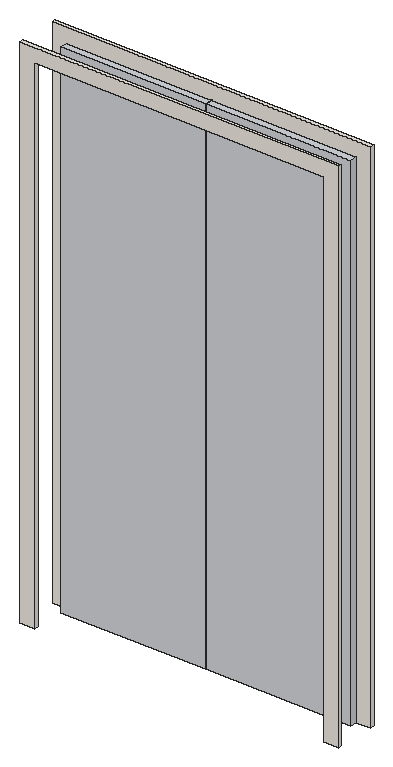
Revit family "Porta_Dupla", category Doors, host Wall, Revit 2025
Family settings
  Host = Wall
  OmniClass Number = 23.30.10.00
  OmniClass Title = Doors
  Always vertical = Yes
  Cut with Voids When Loaded = No
  Shared = No
  Room Calculation Point = Yes
Parameters (values of type "POR_070x210_DUS_BOX_CEG")
  Width = 1200.00 mm
  Visual Light Transmittance = 0
  Thickness = 30.00 mm
  Thermal Resistance (R) = 0.270117 (m²·K)/W
  Solar Heat Gain Coefficient = 0
  Define Thermal Properties by = Schematic Type
  Construction Type Id = "MDOOR"
  Heat Transfer Coefficient (U) = 3.7021 W/(m²·K)
  Function = Interior
  Door Material = none
  Frame Material = CT_Porta_Marco
  Height = 2100.00 mm
  Trim Projection Ext = 15.00 mm
  Trim Projection Int = 15.00 mm
  Trim Width = 60.00 mm
  Wall Closure = By host
  Width_Large = 600.00 mm
  Width_Small = Width - Width_Large  # 600.00 mm
  Analytic Construction = "Metal"
Types (21, lengths in mm): name | Width | Door Material | Trim Projection Ext | Trim Projection Int | Trim Width | Width_Large | Width_Small
  POR_070x210_DUS_BOX_CEG | 1200.00 | none | 15.00 | 15.00 | 60.00 | 600.00 | 600.00
  POR_080x210-060_DUA_INT_CEG | 800.00 | none | 12.50 | 12.50 | 35.00 | 600.00 | 200.00
  POR_350x210_DUS_INT_CEG | 3500.00 | none | 12.50 | 12.50 | 35.00 | 1750.00 | 1750.00
  POR_300x210_DUS_INT_CEG | 3000.00 | none | 12.50 | 12.50 | 35.00 | 1500.00 | 1500.00
  POR_290x210_DUS_INT_CEG | 2900.00 | none | 12.50 | 12.50 | 35.00 | 1450.00 | 1450.00
  POR_080x210_DUS_INT_CEG | 800.00 | none | 12.50 | 12.50 | 35.00 | 400.00 | 400.00
  POR_130x210_DUS_INT_CEG | 1300.00 | none | 12.50 | 12.50 | 35.00 | 650.00 | 650.00
  POR_270x210_DUS_INT_CEG | 2700.00 | none | 12.50 | 12.50 | 35.00 | 1350.00 | 1350.00
  POR_100x210_DUS_INT_CEG | 1000.00 | none | 12.50 | 12.50 | 35.00 | 500.00 | 500.00
  POR_250x210_DUS_INT_CEG | 2500.00 | none | 12.50 | 12.50 | 35.00 | 1250.00 | 1250.00
  POR_200x210_DUS_INT_CEG | 2000.00 | none | 12.50 | 12.50 | 35.00 | 1000.00 | 1000.00
  POR_120x210-080_DUA_INT_CEG | 1200.00 | none | 12.50 | 12.50 | 35.00 | 800.00 | 400.00
  POR_140x210-080_DUA_INT_CEG | 1400.00 | none | 12.50 | 12.50 | 35.00 | 600.00 | 800.00
  POR_120x210_DUS_INT_CEG | 1200.00 | CT_Porta_Folha | 15.00 | 15.00 | 60.00 | 600.00 | 600.00
  POR_180x210_DUS_INT_CEG | 1800.00 | none | 12.50 | 12.50 | 35.00 | 900.00 | 900.00
  POR_160x210_DUS_INT_CEG | 1600.00 | none | 12.50 | 12.50 | 35.00 | 800.00 | 800.00
  POR_500x210_DUS_AUD_ACU | 5000.00 | none | 12.50 | 12.50 | 35.00 | 2500.00 | 2500.00
  POR_140x210_DUS_AUD_ACU | 1400.00 | none | 12.50 | 12.50 | 35.00 | 700.00 | 700.00
  POR_180x210_DUS_AUD_ACU | 1800.00 | none | 12.50 | 12.50 | 35.00 | 900.00 | 900.00
  POR_200x210_DUS_AUD_ACU | 2000.00 | none | 12.50 | 12.50 | 35.00 | 1000.00 | 1000.00
  POR_120x210_DUS_ACD_VIS_MET | 1250.00 | none | 10.00 | 10.00 | 30.00 | 625.00 | 625.00
Reference planes
  plane 1: y = 0
  plane 2: z = 0
  plane 3 "Center": x = -498
  plane 4 "Left": x = -1098
  plane 5 "Right": x = 102
  plane 6 "Top": z = 2100
Forms (mm)
  Extrusion 1, solid, material "CT_Porta_Marco" <- "Frame Material"
    sketch origin (-2286, 76.2, 0) x (-1, 0, 0) y (0, 0, 1)
      loop
        line (-2388, 2100) -> (-1188, 2100) -> (-1188, 0) -> (-1128, 0) -> (-1128, 2160) -> (-2448, 2160) -> (-2448, 0) -> (-2388, 0) -> (-2388, 2100)
    from 0 to 15
  Extrusion 2, solid, material "CT_Porta_Marco" <- "Frame Material"
    sketch origin (-2286, -76.2, 0) x (1, 0, 0) y (0, 0, 1)
      loop
        line (1188, 0) -> (1188, 2100) -> (2388, 2100) -> (2388, 0) -> (2448, 0) -> (2448, 2160) -> (1128, 2160) -> (1128, 0) -> (1188, 0)
    from 0 to 15
  Extrusion 3, solid, material <- "Door Material"
    sketch origin (0, 0, 0) x (1, 0, 0) y (0, 1, 0)
      loop
        line (-1098, 76.2) -> (-1098, 46.2) -> (-498, 46.2) -> (-498, 76.2) -> (-1098, 76.2)
    from 0 to 2100
  Extrusion 4, solid, material <- "Door Material"
    sketch origin (-996, 0, 0) x (-1, 0, 0) y (0, -1, 0)
      loop
        line (-1098, -76.2) -> (-498, -76.2) -> (-498, -46.2) -> (-1098, -46.2) -> (-1098, -76.2)
    from 0 to 2100
Lines and regions (mm)
  Opening 1
    outline origin (-2286, -76.2, 0) x (1, 0, 0) y (0, 0, 1)
      loop
        line (1188, 0) -> (2388, 0) -> (2388, 2100) -> (1188, 2100) -> (1188, 0)
  symbolic lines, style "Plan Swing"
    curve 1: arc (-498, 76.2, 0) -> (-673.736, 500.464, 0) -> (-1098, 676.2, 0) r 600
    curve 11: arc (-498, 76.2, 0) -> (-322.264, 500.464, 0) -> (102, 676.2, 0) r 600
  symbolic lines, style "DoorsPanelProjection"
    curve 2: line (-1098, 76.2, 0) -> (-1068, 76.2, 0)
    curve 3: line (-1098, 76.2, 0) -> (-1098, 675.327, 0)
    curve 4: line (-1098, 675.327, 0) -> (-1065.651, 675.327, 0)
    curve 5: line (-1068, 76.2, 0) -> (-1068, 675.45, 0)
    curve 6: line (-498, 76.2, 0) -> (-498, 46.2, 0)
    curve 12: line (102, 76.2, 0) -> (72, 76.2, 0)
    curve 13: line (102, 76.2, 0) -> (102, 675.327, 0)
    curve 14: line (102, 675.327, 0) -> (69.651, 675.327, 0)
    curve 15: line (72, 76.2, 0) -> (72, 675.45, 0)
  symbolic lines, style "Elevation Swing"
    curve 7: line (-498, 0, 2100) -> (-1098, 0, 1050)
    curve 8: line (-1098, 0, 1050) -> (-498, 0, 0)
    curve 9: line (-498, 0, 2100) -> (102, 0, 1050)
    curve 10: line (102, 0, 1050) -> (-498, 0, 0)
Text (mm)
  text "Exterior" at (-1852.85, 748.929, 0), in view "Floor Line"
  text "Interior" at (-1852.85, -701.767, 0), in view "Floor Line"
  text "Exterior" at (0, 1019.848, 3124.603), in view "Right"
  text "Interior" at (0, -1635.541, 3124.603), in view "Right"
  text "Interior" at (0, -762.224, 2974.944), in view "Left"
  text "Exterior" at (0, 1135.773, 2974.944), in view "Left"
Dimensions and locks
  Extrusion 2 sketch curve to plane 4 "Left" = 60.00 mm
  Extrusion 2 sketch curve to plane 5 "Right" = 60.00 mm
  "Trim Width": Extrusion 2 sketch curve to plane 6 "Top"
  "Trim Width": Extrusion 1 sketch curve to Extrusion 1 sketch curve  (x2)
  "Trim Width": Extrusion 1 sketch curve to plane 6 "Top"
  "Trim Projection Int": Extrusion 2 to host wall
  "Trim Projection Ext": Extrusion 1 to host wall
  plane 4 "Left" to plane 3 "Center" to plane 5 "Right" = 600.00 mm, 600.00 mm
  "Thickness": curve 5 to curve 3
  "Thickness": Extrusion 1 to Extrusion 3 sketch curve
  "Width_Large": plane 4 "Left" to plane 3 "Center"
  "Width_Small": plane 3 "Center" to plane 5 "Right"
  level to plane 2 = 0.00 mm
  "Height": plane 6 "Top" to level
  equal spacing: level, curve 8, plane 6 "Top"
  equal spacing: level, curve 10, plane 6 "Top"
  "Trim Width": Extrusion 2 to Extrusion 2  (x2)
  "Trim Width": Extrusion 1 to Extrusion 1  (x2)
  "Trim Projection Ext": Extrusion 1 to Extrusion 1
  Extrusion 1 to Extrusion 1 = 60.00 mm
  "Trim Projection Int": Extrusion 2 to Extrusion 2
  "Thickness": curve 15 to curve 13
  aligned and locked: plane 4 "Left" to Opening 1 sketch curve
  aligned and locked: plane 6 "Top" to Opening 1 sketch curve  (x2)
  aligned and locked: Opening 1 sketch curve to plane 5 "Right"
  aligned and locked: Opening 1 sketch curve to level
  aligned and locked: plane 6 "Top" to Extrusion 1 sketch curve  (x2)
  aligned and locked: plane 4 "Left" to Extrusion 1 sketch curve
  aligned and locked: Extrusion 1 sketch curve to plane 4 "Left"
  aligned and locked: level to Extrusion 1 sketch curve
  aligned and locked: plane 5 "Right" to Extrusion 1 sketch curve
  aligned and locked: Extrusion 1 to host wall
  aligned and locked: plane 4 "Left" to Extrusion 2 sketch curve
  aligned and locked: plane 6 "Top" to Extrusion 2 sketch curve  (x2)
  aligned and locked: plane 5 "Right" to Extrusion 2 sketch curve  (x2)
  aligned and locked: level to Extrusion 2 sketch curve
  aligned and locked: Extrusion 2 sketch curve to level
  aligned and locked: Extrusion 2 to host wall
  aligned and locked: Extrusion 1 to Extrusion 3 sketch curve
  aligned and locked: Extrusion 3 to host wall  (x2)
  aligned and locked: plane 5 "Right" to host wall  (x2)
  aligned and locked: Extrusion 1 sketch curve to level
  aligned and locked: Extrusion 2 sketch curve to Extrusion 1
  aligned and locked: Extrusion 1 to curve 2
  aligned and locked: level to plane 2
  aligned and locked: plane 3 "Center" to Extrusion 3
  aligned and locked: Extrusion 4 to plane 5 "Right"
  aligned and locked: Extrusion 4 to plane 3 "Center"
  aligned and locked: Extrusion 3 to Extrusion 4
  aligned and locked: Extrusion 4 to Extrusion 3
Automatic sketch dimensions
  curve 1 to host wall = 0.00 mm
  curve 1 to plane 4 "Left" = 0.00 mm
  curve 4 to plane 4 "Left" = 0.00 mm
  curve 1 to plane 3 "Center" = 0.00 mm
  curve 15 to host wall = 0.00 mm
  curve 13 to plane 5 "Right" = 0.00 mm
  curve 11 to plane 5 "Right" = 0.00 mm
  curve 4 to curve 1 = 0.873 mm
  curve 14 to curve 11 = 0.873 mm
  curve 6 to curve 11 = 30.00 mm
  curve 9 to plane 3 "Center" = 0.00 mm
  curve 9 to plane 6 "Top" = 0.00 mm
  curve 10 to level = 0.00 mm
  plane 4 "Left" to curve 7 = 0.00 mm
  curve 8 to plane 3 "Center" = 0.00 mm
  plane 5 "Right" to curve 10 = 0.00 mm
  Extrusion 3 sketch curve to plane 4 "Left" = 0.00 mm
  Extrusion 3 sketch curve to plane 3 "Center" = 0.00 mm
  Extrusion 4 sketch curve to host wall = 0.00 mm
  Extrusion 4 sketch curve to plane 5 "Right" = 0.00 mm
  Extrusion 4 sketch curve to plane 3 "Center" = 0.00 mm
  Extrusion 4 sketch curve to host wall = 30.00 mm
